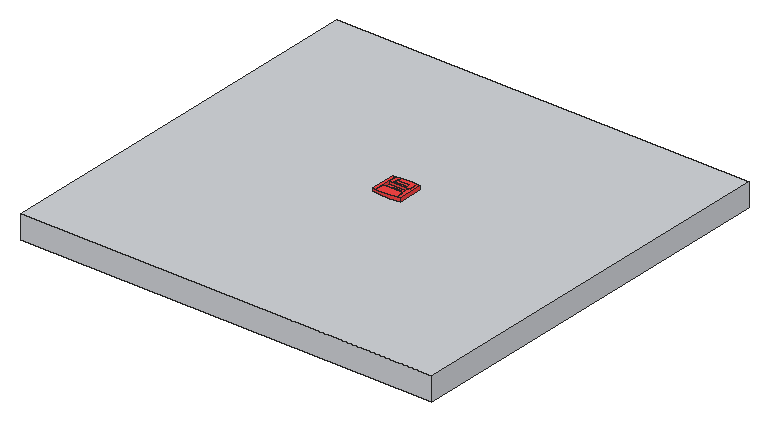
Revit family "FA_Break Glass Unit", category Fire Alarm Devices, host Face, Revit 2013
Parameters (values of type "Break Glass Unit")
  Switch Voltage = 230 V
  Load Classification = Other
  Label = ""
  Default Elevation = 1200 mm
  Assembly Code = ""
  Apparent Load = 0 VA
Reference planes
  plane 1 "Center (Front/Back)": y = 0
  plane 2: z = 0
  plane 3 "Center (Left/Right)": x = 0
  plane 4 "level above": z = 10
  plane 5 "level below": z = -53.975
  plane 6: x = -43
  plane 7: x = 43
  plane 8: y = 43
  plane 9: y = -43
  plane 10: y = 32
  plane 11: y = -32
  plane 12: x = -32
  plane 13: x = 32
  plane 14: y = 38
  plane 15: y = -38
  plane 16: y = 10
  plane 17: y = -15
  plane 18: y = 15
  plane 19: x = -20
  plane 20: x = 20
Forms (mm)
  Extrusion 1, solid
    sketch origin (0, 0, 0) x (1, 0, 0) y (0, 1, 0)
      loop
        line (-644.525, 571.5) -> (-644.525, -666.75) -> (644.525, -666.75) -> (644.525, 571.5) -> (-644.525, 571.5)
    from 0 to -72.672
  Extrusion 2, solid, material "Plastic Red"
    sketch origin (0, 0, 0) x (1, 0, 0) y (0, 1, 0)
      loop
        arc (-43, -38) -> (0, -43) -> (43, -38) r 187.4
        line (43, -38) -> (43, 38)
        arc (43, 38) -> (0, 43) -> (-43, 38) r 187.4
        line (-43, 38) -> (-43, -38)
      loop
        line (-32, -15) -> (32, -15) -> (32, 10) -> (-32, 10) -> (-32, -15)
    from 0 to 10
  Extrusion 3, solid
    sketch origin (0, 0, 0) x (1, 0, 0) y (0, 1, 0)
      loop
        line (-32, 32) -> (-32, -32) -> (32, -32) -> (32, 32) -> (-32, 32)
    from 0 to -53.975
  Extrusion 4, void
    sketch origin (0, 0, 10) x (-1, 0, 0) y (0, -1, 0)
      loop
        line (20, -15) -> (-20, -15) -> (-20, -32) -> (20, -32) -> (20, -15)
    from 0 to -1
  Extrusion 5, void
    sketch origin (0, 0, 10) x (-1, 0, 0) y (0, -1, 0)
      loop
        line (32.543, -15) -> (31.39, -15) -> (31.39, -32) -> (32.543, -32) -> (32.543, -15)
    from 0 to -1
  Extrusion 6, void
    sketch origin (64.029, 0, 10) x (-1, 0, 0) y (0, -1, 0)
      loop
        line (32.543, -15) -> (31.39, -15) -> (31.39, -32) -> (32.543, -32) -> (32.543, -15)
    from 0 to -1
  Extrusion 7, void
    sketch origin (0, -51.356, 10) x (-1, 0, 0) y (0, -1, 0)
      loop
        line (32.543, -15) -> (31.39, -15) -> (31.39, -32) -> (32.543, -32) -> (32.543, -15)
    from 0 to -1
  Extrusion 8, void
    sketch origin (64.029, -51.356, 10) x (-1, 0, 0) y (0, -1, 0)
      loop
        line (32.543, -15) -> (31.39, -15) -> (31.39, -32) -> (32.543, -32) -> (32.543, -15)
    from 0 to -1
  Extrusion 9, solid, material "Phase-Demo"
    sketch origin (0, 0, 0) x (1, 0, 0) y (0, 1, 0)
      loop
        line (-32, -15) -> (32, -15) -> (32, 10) -> (-32, 10) -> (-32, -15)
    from 0 to 4
  Extrusion 10, void
    sketch origin (0, 0, 0) x (1, 0, 0) y (0, 1, 0)
      loop
        circle (0, -2.903) r 2.5
    from 0 to 4
  Extrusion 11, void
    sketch origin (0, 0, 0) x (1, 0, 0) y (0, 1, 0)
      loop
        line (5.259, -2.903) -> (7.438, -5.082) -> (7.438, -3.708) -> (14.228, -3.708) -> (14.228, -2.098) -> (7.438, -2.098) -> (7.438, -0.724) -> (5.259, -2.903)
    from 0 to 4
  Extrusion 12, void
    sketch origin (0, 0, 0) x (-1, 0, 0) y (0, -1, 0)
      loop
        line (5.259, 2.903) -> (7.438, 0.724) -> (7.438, 2.098) -> (14.228, 2.098) -> (14.228, 3.708) -> (7.438, 3.708) -> (7.438, 5.082) -> (5.259, 2.903)
    from 0 to 4
Cuts and joins
  Extrusion 4, Extrusion 5, Extrusion 6, Extrusion 7, Extrusion 8 cuts Extrusion 2
  Extrusion 10, Extrusion 11, Extrusion 12 cuts Extrusion 3
  Extrusion 10, Extrusion 11, Extrusion 12 cuts Extrusion 9
Dimensions and locks
  plane 4 "level above" to level = 10 mm
  locked: level to plane 5 "level below" at 53.975
  plane 6 to plane 3 "Center (Left/Right)" to plane 7 = 43 mm, 43 mm
  plane 6 to plane 7 = 86 mm
  plane 1 "Center (Front/Back)" to plane 9 = 43 mm
  plane 1 "Center (Front/Back)" to plane 8 = 43 mm
  plane 12 to plane 3 "Center (Left/Right)" to plane 13 = 32 mm, 32 mm
  plane 10 to plane 1 "Center (Front/Back)" to plane 11 = 32 mm, 32 mm
  plane 12 to plane 13 = 64 mm
  plane 10 to plane 11 = 64 mm
  aligned and locked: plane 2 to Extrusion 1
  aligned and locked: level to Extrusion 1
  aligned and locked: Extrusion 2 to level
  aligned and locked: plane 4 "level above" to Extrusion 2
  aligned and locked: Extrusion 3 to level
  aligned and locked: Extrusion 3 to plane 5 "level below"
Nested families
  nested 1: "FA_BG" at (0, 0, 0), type "FA_BG"
Connectors
  electrical at (0, 0, 0)
    settings: on Extrusion 2, index 1, voltage 0 V, apparent load 0 VA, apparent load phase1 0 VA, apparent load phase2 0 VA, apparent load phase3 0 VA, power factor 1, load classification "Other", number of poles 1, system type 11, power factor state 1, is connector primary yes, connector utility no, sub classification motor no, connector description ""
Definition of nested family "FA_BG"
  Reference planes
    plane 1: y = 0
    plane 2: x = 0
  Lines and regions (mm)
    Filled region 1, type "Filled region 1"
      outline origin (0, 1.481, 0) x (1, 0, 0) y (0, 1, 0)
        loop
          circle (0, 0) r 0.65
    detail lines, style "Fire Alarm Symbols"
      curve 1: line (-1.5, 0, 0) -> (1.5, 0, 0)
      curve 2: line (-1.5, 3, 0) -> (-1.5, 0, 0)
      curve 3: line (1.5, 3, 0) -> (-1.5, 3, 0)
      curve 4: line (1.5, 0, 0) -> (1.5, 3, 0)
